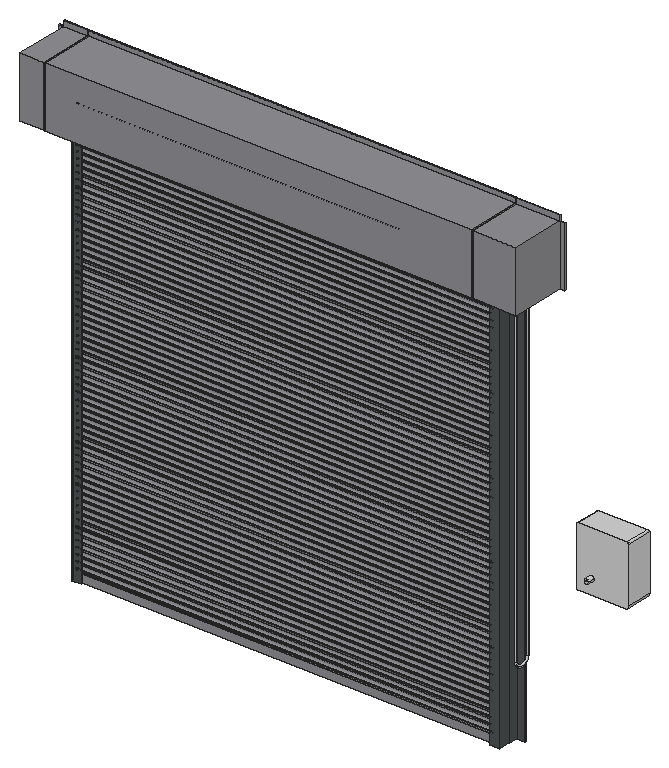
Revit family "RapidSlat-Rolling-Steel-Service-Doors_OHD_Model-611_compact", category Specialty Equipment, host Wall, Revit 2023 (continued)
Definition of nested family "611"
  Dimensions and locks (in)
    locked: curve 1 to level at 12.78
    "Slat Position": curve 6 to curve 2
    equal spacing: Extrusion 4 sketch curve, curve 3, Extrusion 4 sketch curve
    equal spacing: Extrusion 4 sketch curve, curve 4, Extrusion 4 sketch curve
    equal spacing: Extrusion 4 sketch curve, curve 6, Extrusion 4 sketch curve
    equal spacing: Extrusion 4 sketch curve, curve 5, Extrusion 4 sketch curve
    equal spacing: curve 6, curve 7, curve 5, curve 4, curve 3, curve 2
    equal spacing: Extrusion 4 sketch curve, curve 7, Extrusion 4 sketch curve
    "Cutout Vertical Offset": curve 6 to plane 2
    aligned and locked: plane 2 to level
    aligned and locked: plane 1 "Center (Front/Back)" to plane 7
    aligned and locked: plane 5 to Extrusion 1
    aligned and locked: plane 4 to Extrusion 1
    aligned and locked: plane 5 to Extrusion 2
    aligned and locked: plane 4 to Extrusion 2
    aligned and locked: plane 5 to Extrusion 3
    aligned and locked: plane 4 to Extrusion 3
    aligned and locked: plane 9 to nested 1
    aligned and locked: plane 3 "Center (Left/Right)" to nested 1
    aligned and locked: Extrusion 4 sketch curve to Extrusion 4 sketch curve  (x4)
    aligned and locked: plane 10 to Extrusion 4
    aligned and locked: plane 11 to Extrusion 4
    aligned and locked: plane 3 "Center (Left/Right)" to nested 2
    aligned and locked: plane 3 "Center (Left/Right)" to nested 3
    aligned and locked: plane 3 "Center (Left/Right)" to nested 4
    aligned and locked: plane 3 "Center (Left/Right)" to nested 5
    aligned and locked: plane 9 to nested 2
    aligned and locked: plane 9 to nested 3
    aligned and locked: plane 9 to nested 4
    aligned and locked: plane 9 to nested 5
  Automatic sketch dimensions
    curve 1 to Extrusion 1 sketch curve = 4.37692"  (x2)
    Extrusion 1 sketch curve to Extrusion 1 sketch curve = 0"  (x24)
    Extrusion 1 sketch curve to Extrusion 1 sketch curve = 0.34316"  (x6)
    Extrusion 1 sketch curve to Extrusion 1 sketch curve = 0.02075"  (x6)
    Extrusion 1 sketch curve to Extrusion 1 sketch curve = 0.46772"  (x6)
    Extrusion 1 sketch curve to Extrusion 1 sketch curve = 0.21601"  (x6)
    Extrusion 1 sketch curve to Extrusion 1 sketch curve = 0.25599"  (x5)
    Extrusion 1 sketch curve to Extrusion 1 sketch curve = 0.27238"
    Extrusion 1 sketch curve to Extrusion 1 sketch curve = 0.0004"
    Extrusion 1 sketch curve to Extrusion 1 sketch curve = 49/128"
    Extrusion 1 sketch curve to Extrusion 1 sketch curve = 0.04891"  (x5)
    Extrusion 1 sketch curve to Extrusion 1 sketch curve = 0.07012"
    Extrusion 1 sketch curve to curve 1 = 13.34422"
    Extrusion 1 sketch curve to Extrusion 1 sketch curve = 0.42583"  (x6)
    Extrusion 1 sketch curve to Extrusion 1 sketch curve = 0.1384"
    Extrusion 1 sketch curve to Extrusion 1 sketch curve = 0.02995"
    Extrusion 1 sketch curve to Extrusion 1 sketch curve = 0.29119"
    Extrusion 1 sketch curve to Extrusion 1 sketch curve = 0.72453"  (x6)
    Extrusion 1 sketch curve to Extrusion 1 sketch curve = 0.00067"  (x6)
    Extrusion 1 sketch curve to Extrusion 1 sketch curve = 0.27011"  (x5)
    Extrusion 1 sketch curve to Extrusion 1 sketch curve = 0.08724"  (x5)
    Extrusion 1 sketch curve to Extrusion 1 sketch curve = 0.06764"  (x5)
    Extrusion 1 sketch curve to Extrusion 1 sketch curve = 0.30465"  (x5)
    Extrusion 1 sketch curve to Extrusion 1 sketch curve = 0.80134"
    Extrusion 1 sketch curve to Extrusion 1 sketch curve = 0.005"
    Extrusion 1 sketch curve to Extrusion 1 sketch curve = 0.14177"
    Extrusion 1 sketch curve to Extrusion 1 sketch curve = 0.0347"  (x8)
    Extrusion 1 sketch curve to Extrusion 1 sketch curve = 0.02124"  (x6)
    Extrusion 1 sketch curve to Extrusion 1 sketch curve = 0.00181"
    Extrusion 1 sketch curve to Extrusion 1 sketch curve = 0.06794"  (x5)
    Extrusion 1 sketch curve to Extrusion 1 sketch curve = 0.04801"
    Extrusion 1 sketch curve to Extrusion 1 sketch curve = 0.0638"  (x2)
    curve 1 to Extrusion 2 sketch curve = 4.98186"  (x2)
    Extrusion 2 sketch curve to Extrusion 2 sketch curve = 0"  (x4)
    curve 1 to Extrusion 2 sketch curve = 0.02051"
    curve 1 to Extrusion 2 sketch curve = 2.64604"
    Extrusion 2 sketch curve to Extrusion 2 sketch curve = 0.06154"  (x4)
    curve 1 to Extrusion 2 sketch curve = 0.03317"
    Extrusion 2 sketch curve to Extrusion 2 sketch curve = 0.06197"
    curve 1 to Extrusion 2 sketch curve = 0.12438"
    Extrusion 2 sketch curve to Extrusion 2 sketch curve = 0.02153"
    Extrusion 2 sketch curve to Extrusion 2 sketch curve = 0.02196"  (x4)
    curve 1 to Extrusion 2 sketch curve = 2.74991"
    Extrusion 2 sketch curve to curve 1 = 0.39136"
    Extrusion 2 sketch curve to Extrusion 2 sketch curve = 0.0841"
    Extrusion 2 sketch curve to Extrusion 2 sketch curve = 0.02327"  (x4)
    Extrusion 2 sketch curve to Extrusion 2 sketch curve = 3/128"  (x2)
    Extrusion 2 sketch curve to Extrusion 2 sketch curve = 0.02374"  (x2)
    Extrusion 2 sketch curve to Extrusion 2 sketch curve = 0.00178"
    curve 1 to Extrusion 2 sketch curve = 0.06028"
    curve 1 to Extrusion 2 sketch curve = 2.68458"
    Extrusion 2 sketch curve to Extrusion 2 sketch curve = 0.00478"  (x2)
    Extrusion 2 sketch curve to Extrusion 2 sketch curve = 0.00479"  (x2)
    Extrusion 2 sketch curve to Extrusion 2 sketch curve = 0.01188"  (x4)
    curve 1 to Extrusion 2 sketch curve = 2.48793"
    Extrusion 2 sketch curve to Extrusion 2 sketch curve = 0.01156"
    Extrusion 2 sketch curve to Extrusion 2 sketch curve = 0.01822"
    Extrusion 2 sketch curve to curve 1 = 0.2281"
    Extrusion 2 sketch curve to Extrusion 2 sketch curve = 0.03122"
    curve 1 to Extrusion 2 sketch curve = 2.39704"
    Extrusion 2 sketch curve to Extrusion 2 sketch curve = 0.01856"  (x2)
    Extrusion 2 sketch curve to Extrusion 2 sketch curve = 0.00034"  (x6)
    Extrusion 2 sketch curve to Extrusion 2 sketch curve = 0.0185"  (x2)
    Extrusion 2 sketch curve to Extrusion 2 sketch curve = 0.18279"  (x3)
    Extrusion 2 sketch curve to Extrusion 2 sketch curve = 0.18305"  (x3)
    Extrusion 2 sketch curve to Extrusion 2 sketch curve = 0.41746"  (x2)
    Extrusion 2 sketch curve to Extrusion 2 sketch curve = 0.392"
    Extrusion 2 sketch curve to Extrusion 2 sketch curve = 0.41747"  (x2)
    curve 1 to Extrusion 2 sketch curve = 2.67875"
    Extrusion 2 sketch curve to Extrusion 2 sketch curve = 0.02395"  (x5)
    curve 1 to Extrusion 2 sketch curve = 2.62435"
    Extrusion 2 sketch curve to Extrusion 2 sketch curve = 0.03031"  (x4)
    curve 1 to Extrusion 2 sketch curve = 0.14423"
    Extrusion 2 sketch curve to Extrusion 2 sketch curve = 0.45387"
    Extrusion 2 sketch curve to Extrusion 2 sketch curve = 0.00007"  (x5)
    Extrusion 2 sketch curve to Extrusion 2 sketch curve = 0.00899"  (x5)
    Extrusion 2 sketch curve to Extrusion 2 sketch curve = 0.00552"  (x5)
    Extrusion 2 sketch curve to Extrusion 2 sketch curve = 0.04341"  (x3)
    Extrusion 2 sketch curve to Extrusion 2 sketch curve = 0.01303"  (x2)
    curve 1 to Extrusion 2 sketch curve = 2.71019"
    Extrusion 2 sketch curve to Extrusion 2 sketch curve = 5/256"  (x2)
    Extrusion 2 sketch curve to Extrusion 2 sketch curve = 0.02448"  (x3)
    Extrusion 2 sketch curve to Extrusion 2 sketch curve = 0.06"  (x5)
    Extrusion 2 sketch curve to Extrusion 2 sketch curve = 0.01261"  (x2)
    Extrusion 2 sketch curve to Extrusion 2 sketch curve = 2.10108"  (x4)
    Extrusion 2 sketch curve to Extrusion 2 sketch curve = 0.11957"  (x2)
    Extrusion 2 sketch curve to Extrusion 2 sketch curve = 0.09059"  (x2)
    Extrusion 2 sketch curve to Extrusion 2 sketch curve = 0.05819"  (x4)
    Extrusion 2 sketch curve to Extrusion 2 sketch curve = 1/128"  (x4)
    Extrusion 2 sketch curve to Extrusion 2 sketch curve = 0.09983"  (x2)
    Extrusion 2 sketch curve to Extrusion 2 sketch curve = 0.01046"  (x2)
    Extrusion 2 sketch curve to Extrusion 2 sketch curve = 0.00686"  (x2)
    Extrusion 2 sketch curve to Extrusion 2 sketch curve = 0.03144"  (x3)
    Extrusion 2 sketch curve to Extrusion 2 sketch curve = 0.01995"  (x3)
    Extrusion 2 sketch curve to Extrusion 2 sketch curve = 0.11917"  (x3)
    Extrusion 2 sketch curve to Extrusion 2 sketch curve = 0.09089"
    Extrusion 2 sketch curve to Extrusion 2 sketch curve = 0.09993"
    Extrusion 2 sketch curve to Extrusion 2 sketch curve = 0.01049"
    Extrusion 2 sketch curve to Extrusion 2 sketch curve = 0.00683"
    Extrusion 2 sketch curve to Extrusion 2 sketch curve = 0.07903"
    Extrusion 2 sketch curve to Extrusion 2 sketch curve = 0.01186"
    Extrusion 2 sketch curve to Extrusion 2 sketch curve = 0.05829"
    Extrusion 2 sketch curve to Extrusion 2 sketch curve = 0.05892"
    Extrusion 2 sketch curve to Extrusion 2 sketch curve = 0.00247"
    curve 1 to Extrusion 2 sketch curve = 4.8597"
    Extrusion 2 sketch curve to Extrusion 2 sketch curve = 0.0313"  (x2)
    Extrusion 2 sketch curve to Extrusion 2 sketch curve = 0.03156"
    curve 1 to Extrusion 2 sketch curve = 2.23417"
    Extrusion 2 sketch curve to Extrusion 2 sketch curve = 0.0005"
    Extrusion 3 sketch curve to Extrusion 3 sketch curve = 0"  (x17)
    curve 1 to Extrusion 3 sketch curve = 4.80317"
    curve 1 to Extrusion 3 sketch curve = 0.20569"
    Extrusion 3 sketch curve to Extrusion 3 sketch curve = 0.0028"  (x5)
    Extrusion 3 sketch curve to Extrusion 3 sketch curve = 0.12969"  (x5)
    Extrusion 3 sketch curve to Extrusion 3 sketch curve = 0.03778"  (x5)
    Extrusion 3 sketch curve to Extrusion 3 sketch curve = 0.14152"  (x5)
    curve 1 to Extrusion 3 sketch curve = 1.48558"
    Extrusion 3 sketch curve to Extrusion 3 sketch curve = 0.02395"  (x5)
    Extrusion 3 sketch curve to Extrusion 3 sketch curve = 0.00651"  (x5)
    Extrusion 3 sketch curve to Extrusion 3 sketch curve = 0.11824"  (x5)
    Extrusion 3 sketch curve to Extrusion 3 sketch curve = 0.38946"
    Extrusion 3 sketch curve to Extrusion 3 sketch curve = 0.14271"  (x3)
    curve 1 to Extrusion 3 sketch curve = 1.57349"
    Extrusion 3 sketch curve to Extrusion 3 sketch curve = 0.09917"
    Extrusion 3 sketch curve to Extrusion 3 sketch curve = 0.12104"
    Extrusion 3 sketch curve to Extrusion 3 sketch curve = 0.22143"  (x5)
    Extrusion 3 sketch curve to Extrusion 3 sketch curve = 0.385"  (x4)
    Extrusion 3 sketch curve to Extrusion 3 sketch curve = 0.86619"
    Extrusion 3 sketch curve to Extrusion 3 sketch curve = 0.06"  (x5)
    Extrusion 3 sketch curve to Extrusion 3 sketch curve = 0.22417"  (x5)
    Extrusion 3 sketch curve to Extrusion 3 sketch curve = 0.31939"  (x4)
    Extrusion 3 sketch curve to Extrusion 3 sketch curve = 0.02243"  (x5)
    Extrusion 3 sketch curve to Extrusion 3 sketch curve = 0.14822"  (x4)
    Extrusion 3 sketch curve to Extrusion 3 sketch curve = 0.00061"  (x5)
    Extrusion 3 sketch curve to Extrusion 3 sketch curve = 0.08821"  (x5)
    Extrusion 3 sketch curve to Extrusion 3 sketch curve = 0.34736"  (x4)
    Extrusion 3 sketch curve to Extrusion 3 sketch curve = 0.01604"  (x5)
    Extrusion 3 sketch curve to Extrusion 3 sketch curve = 0.64892"  (x4)
    Extrusion 3 sketch curve to Extrusion 3 sketch curve = 0.01817"  (x5)
    Extrusion 3 sketch curve to Extrusion 3 sketch curve = 0.029"  (x4)
    Extrusion 3 sketch curve to Extrusion 3 sketch curve = 0.13791"
    Extrusion 3 sketch curve to Extrusion 3 sketch curve = 0.21451"
    curve 1 to Extrusion 3 sketch curve = 0.80553"
    Extrusion 3 sketch curve to Extrusion 3 sketch curve = 0.23644"
    Extrusion 3 sketch curve to curve 1 = 0.39177"
    Extrusion 3 sketch curve to Extrusion 3 sketch curve = 0.02516"  (x2)
    Extrusion 3 sketch curve to Extrusion 3 sketch curve = 0.03547"  (x2)
    plane 1 "Center (Front/Back)" to curve 1 = 4.98186"
    plane 1 "Center (Front/Back)" to curve 7 = 2.86663"
    curve 1 to curve 2 = 2.11523"
    curve 5 to curve 7 = 0"
    curve 3 to curve 2 = 0"  (x2)
    curve 6 to curve 7 = 0"
    curve 4 to curve 3 = 0"
    curve 2 to plane 6 = 7.10337"
    curve 5 to plane 6 = 7.10337"
    curve 4 to curve 5 = 0"
    curve 6 to curve 5 = 0"
    curve 7 to curve 5 = 0"
    curve 2 to curve 1 = 2.35433"
  Nested families (in)
    nested 1: "Perforation" at (0, 0.5, 0.894), visible <- "Integrated Cutout", type "Perforation"
      with Offset 1"
    nested 2: "Perforation" at (0, 0.5, 3.15), visible <- "Integrated Cutout", type "Perforation"
      with Offset 1"
    nested 3: "Perforation" at (0, 0.5, 5.406), visible <- "Integrated Cutout", type "Perforation"
      with Offset 1"
    nested 4: "Perforation" at (0, 0.5, 7.662), visible <- "Integrated Cutout", type "Perforation"
      with Offset 1"
    nested 5: "Perforation" at (0, 0.5, 9.918), visible <- "Integrated Cutout", type "Perforation"
      with Offset 1"
  Definition of nested family "Perforation"
    Parameters (values of type "Perforation")
      Perforation = none
      Opening Width = 123 5/8"
      Offset = 2"
      Height = 1"
      Default Elevation = 48"
    Reference planes (in)
      plane 1 "Center (Front/Back)": y = 0
      plane 2: z = 0
      plane 3 "Center (Left/Right)": x = 0
      plane 4: z = 0.5
      plane 5: z = -0.5
      plane 6: y = -0.03
      plane 7: y = 0.03
      plane 8: x = -61.8125
      plane 9: x = 61.8125
      plane 10: x = -59.8125
      plane 11: x = 59.8125
    Forms (in)
      Extrusion 1, solid, material <- "Perforation"
        sketch origin (0, -0.19, 0) x (0, 1, 0) y (0, 0, 1)
          loop
            line (0.16, 0.5) -> (0.16, -0.5) -> (0.22, -0.5) -> (0.22, 0.5) -> (0.16, 0.5)
        from -59.8125 to 59.8125
    Dimensions and locks (in)
      equal spacing: plane 4, level, plane 5
      "Height": plane 4 to plane 5
      equal spacing: plane 6, plane 1 "Center (Front/Back)", plane 7
      locked: plane 6 to plane 7 at 0.06
      "Opening Width": plane 8 to plane 9
      "Offset": plane 8 to plane 10
      "Offset": plane 9 to plane 11
      equal spacing: plane 8, plane 3 "Center (Left/Right)", plane 9
      aligned and locked: plane 2 to level
      aligned and locked: plane 4 to Extrusion 1
      aligned and locked: Extrusion 1 to plane 5
      aligned and locked: plane 6 to Extrusion 1
      aligned and locked: plane 7 to Extrusion 1
      aligned and locked: Extrusion 1 to plane 10
      aligned and locked: plane 11 to Extrusion 1
    Automatic sketch dimensions
      Extrusion 1 sketch curve to level = 1/2"
      plane 1 "Center (Front/Back)" to Extrusion 1 sketch curve = 0.03"
      Extrusion 1 sketch curve to plane 1 "Center (Front/Back)" = 0.03"
      plane 4 to Extrusion 1 sketch curve = 0"
Definition of nested family "Label Annotation 1"
  Parameters (values of type "Label Annotation 1-8")
    Label = "Area is too big. Please reduce Door Size."
  Reference planes (in)
    plane 1: y = 0
    plane 2: x = 0
  Text (in)
    label "Label" at (0.00375, -0.00345, 0), shows "Label"
Definition of nested family "Warning Sign"
  Parameters (values of type "Warning Sign")
    Warning Sign [instance] = no
    Default Elevation = 48"
  Reference planes (in)
    plane 1 "Center (Front/Back)": y = 0
    plane 2: z = 0
    plane 3 "Center (Left/Right)": x = 0
    plane 4: y = 0.5
    plane 5: y = -0.5
    plane 6: y = 1
    plane 7: y = 0.25
  Lines and regions (in)
    model lines
      curve 1: line (-2.26129, 1, 45.69444) -> (-26.3817, 1, 3.91667)
      curve 2: line (-25.25106, 1, 3.26389) -> (-1.13064, 1, 45.04167)
      curve 3: arc (2.26129, 1, 45.69444) -> (0, 1, 47) -> (-2.26129, 1, 45.69444) r 2.61111
      curve 4: arc (-1.13064, 1, 45.04167) -> (0, 1, 45.69444) -> (1.13064, 1, 45.04167) r 1.30556
      curve 5: line (1.13064, 1, 45.04167) -> (25.25106, 1, 3.26389)
      curve 6: line (26.3817, 1, 3.91667) -> (2.26129, 1, 45.69444)
      curve 7: arc (25.25106, 1, 3.26389) -> (25.25106, 1, 1.95833) -> (24.12041, 1, 1.30556) r 1.30556
      curve 8: arc (24.12041, 1, 0) -> (26.3817, 1, 1.30556) -> (26.3817, 1, 3.91667) r 2.61111
      curve 9: line (24.12041, 1, 1.30556) -> (-24.12041, 1, 1.30556)
      curve 10: line (-24.12041, 1, 0) -> (24.12041, 1, 0)
      curve 11: arc (-24.12041, 1, 1.30556) -> (-25.25106, 1, 1.95833) -> (-25.25106, 1, 3.26389) r 1.30556
      curve 12: arc (-26.3817, 1, 3.91667) -> (-26.3817, 1, 1.30556) -> (-24.12041, 1, 0) r 2.61111
      curve 13: arc (-2.29479, 1, 8.63537) -> (0, 1, 6.34057) -> (2.29479, 1, 8.63537) r 2.29479
      curve 14: arc (2.29479, 1, 8.63537) -> (0, 1, 10.93016) -> (-2.29479, 1, 8.63537) r 2.29479
      curve 15: arc (-1.6331, 1, 13.97069) -> (0.03439, 1, 12.53727) -> (1.69278, 1, 13.98121) r 1.68043
      curve 16: line (-3.77413, 1, 28.37873) -> (-1.6331, 1, 13.97069)
      curve 17: line (1.69278, 1, 13.98121) -> (3.73924, 1, 28.37873)
      curve 18: arc (3.73924, 1, 28.37873) -> (-0.01745, 1, 32.13541) -> (-3.77413, 1, 28.37873) r 3.75668
      curve 19: line (-2.26129, -0.5, 45.69444) -> (-26.3817, -0.5, 3.91667)
      curve 20: line (-25.25106, -0.5, 3.26389) -> (-1.13064, -0.5, 45.04167)
      curve 21: arc (2.26129, -0.5, 45.69444) -> (0, -0.5, 47) -> (-2.26129, -0.5, 45.69444) r 2.61111
      curve 22: arc (-1.13064, -0.5, 45.04167) -> (0, -0.5, 45.69444) -> (1.13064, -0.5, 45.04167) r 1.30556
      curve 23: line (1.13064, -0.5, 45.04167) -> (25.25106, -0.5, 3.26389)
      curve 24: line (26.3817, -0.5, 3.91667) -> (2.26129, -0.5, 45.69444)
      curve 25: arc (25.25106, -0.5, 3.26389) -> (25.25106, -0.5, 1.95833) -> (24.12041, -0.5, 1.30556) r 1.30556
      curve 26: arc (24.12041, -0.5, 0) -> (26.3817, -0.5, 1.30556) -> (26.3817, -0.5, 3.91667) r 2.61111
      curve 27: line (24.12041, -0.5, 1.30556) -> (-24.12041, -0.5, 1.30556)
      curve 28: line (-24.12041, -0.5, 0) -> (24.12041, -0.5, 0)
      curve 29: arc (-24.12041, -0.5, 1.30556) -> (-25.25106, -0.5, 1.95833) -> (-25.25106, -0.5, 3.26389) r 1.30556
      curve 30: arc (-26.3817, -0.5, 3.91667) -> (-26.3817, -0.5, 1.30556) -> (-24.12041, -0.5, 0) r 2.61111
      curve 31: arc (-2.29479, -0.5, 8.63537) -> (0, -0.5, 6.34057) -> (2.29479, -0.5, 8.63537) r 2.29479
      curve 32: arc (2.29479, -0.5, 8.63537) -> (0, -0.5, 10.93016) -> (-2.29479, -0.5, 8.63537) r 2.29479
      curve 33: arc (-1.6331, -0.5, 13.97069) -> (0.03439, -0.5, 12.53727) -> (1.69278, -0.5, 13.98121) r 1.68043
      curve 34: line (-3.77413, -0.5, 28.37873) -> (-1.6331, -0.5, 13.97069)
      curve 35: line (1.69278, -0.5, 13.98121) -> (3.73924, -0.5, 28.37873)
      curve 36: arc (3.73924, -0.5, 28.37873) -> (-0.01745, -0.5, 32.13541) -> (-3.77413, -0.5, 28.37873) r 3.75668
  Dimensions and locks (in)
    locked: plane 1 "Center (Front/Back)" to plane 4 at 0.5
    equal spacing: plane 1 "Center (Front/Back)", plane 7, plane 4
    locked: plane 4 to plane 6 at 0.5
    locked: plane 5 to plane 1 "Center (Front/Back)" at 0.5
    aligned and locked: plane 2 to level
  Automatic sketch dimensions
    curve 21 to curve 22 = 0"  (x2)
    curve 25 to curve 26 = 0"  (x2)
    curve 29 to curve 30 = 0"  (x2)
    curve 31 to curve 32 = 0"  (x2)
    curve 21 to plane 3 "Center (Left/Right)" = 0"
    curve 31 to plane 3 "Center (Left/Right)" = 0"
    curve 30 to level = 0"
    level to curve 27 = 1.30556"
    curve 26 to curve 27 = 1.30556"
    curve 29 to curve 27 = 1.30556"
    curve 23 to curve 25 = 0.65278"
    curve 20 to curve 29 = 0.65278"
    curve 24 to curve 23 = 0.65278"
    curve 19 to curve 20 = 0.65278"
    level to curve 32 = 8.63537"
    curve 34 to plane 3 "Center (Left/Right)" = 1.6331"
    curve 34 to curve 31 = 5.33532"
    plane 3 "Center (Left/Right)" to curve 35 = 1.69278"
    curve 35 to curve 34 = 0.01052"
    plane 3 "Center (Left/Right)" to curve 33 = 0.02908"
    curve 36 to plane 3 "Center (Left/Right)" = 0.01745"
    curve 36 to curve 33 = 14.16104"
    curve 22 to curve 36 = 16.01016"
    plane 3 "Center (Left/Right)" to curve 23 = 1.13064"
    curve 23 to curve 21 = 0.65278"
    curve 20 to plane 3 "Center (Left/Right)" = 1.13064"
    plane 3 "Center (Left/Right)" to curve 24 = 2.26129"
    curve 24 to curve 22 = 0.65278"
    curve 19 to plane 3 "Center (Left/Right)" = 2.26129"
    curve 34 to curve 36 = 3.75668"
    curve 30 to plane 3 "Center (Left/Right)" = 24.12041"
    plane 3 "Center (Left/Right)" to curve 25 = 24.12041"
    curve 31 to curve 31 = 2.29479"
    curve 3 to curve 4 = 0"  (x2)
    curve 7 to curve 8 = 0"  (x2)
    curve 11 to curve 12 = 0"  (x2)
    curve 13 to curve 14 = 0"  (x2)
    curve 3 to plane 3 "Center (Left/Right)" = 0"
    curve 13 to plane 3 "Center (Left/Right)" = 0"
    curve 12 to level = 0"
    level to curve 9 = 1.30556"
    curve 8 to curve 9 = 1.30556"
    curve 11 to curve 9 = 1.30556"
    curve 5 to curve 7 = 0.65278"
    curve 2 to curve 11 = 0.65278"
    curve 6 to curve 5 = 0.65278"
    curve 1 to curve 2 = 0.65278"
    level to curve 14 = 8.63537"
    curve 16 to plane 3 "Center (Left/Right)" = 1.6331"
    curve 16 to curve 13 = 5.33532"
    plane 3 "Center (Left/Right)" to curve 17 = 1.69278"
    curve 17 to curve 16 = 0.01052"
    plane 3 "Center (Left/Right)" to curve 15 = 0.02908"
    curve 18 to plane 3 "Center (Left/Right)" = 0.01745"
    curve 18 to curve 15 = 14.16104"
    curve 4 to curve 18 = 16.01016"
    plane 3 "Center (Left/Right)" to curve 5 = 1.13064"
    curve 5 to curve 3 = 0.65278"
    curve 2 to plane 3 "Center (Left/Right)" = 1.13064"
    plane 3 "Center (Left/Right)" to curve 6 = 2.26129"
    curve 6 to curve 4 = 0.65278"
    curve 1 to plane 3 "Center (Left/Right)" = 2.26129"
    curve 16 to curve 18 = 3.75668"
    curve 12 to plane 3 "Center (Left/Right)" = 24.12041"
    plane 3 "Center (Left/Right)" to curve 7 = 24.12041"
    curve 13 to curve 13 = 2.29479"
Types (6): name | Voltage | Number of Poles | Apparent Load Phase 3 | Apparent Load Phase 2 | Apparent Load Phase 1
  208 volts, one phase, 60 Hz (208-240V range) | 208 V | 1 | 0 VA | 0 VA | 4160 VA
  220 volts, one phase, 60 Hz (220-240V range) | 220 V | 1 | 0 VA | 0 VA | 4400 VA
  208 volts, three phase, 60 Hz (208-240V range) | 208 V | 3 | 2401.78 VA | 2401.78 VA | 2401.78 VA
  230 volts, three phase, 60 Hz (220-240V range) | 230 V | 3 | 2655.81 VA | 2655.81 VA | 2655.81 VA
  460 volts, three phase, 60 Hz (440-480 V range) | 460 V | 3 | 5311.62 VA | 5311.62 VA | 5311.62 VA
  575 volts, three phase, 60 Hz | 575 V | 3 | 6639.53 VA | 6639.53 VA | 6639.53 VA
